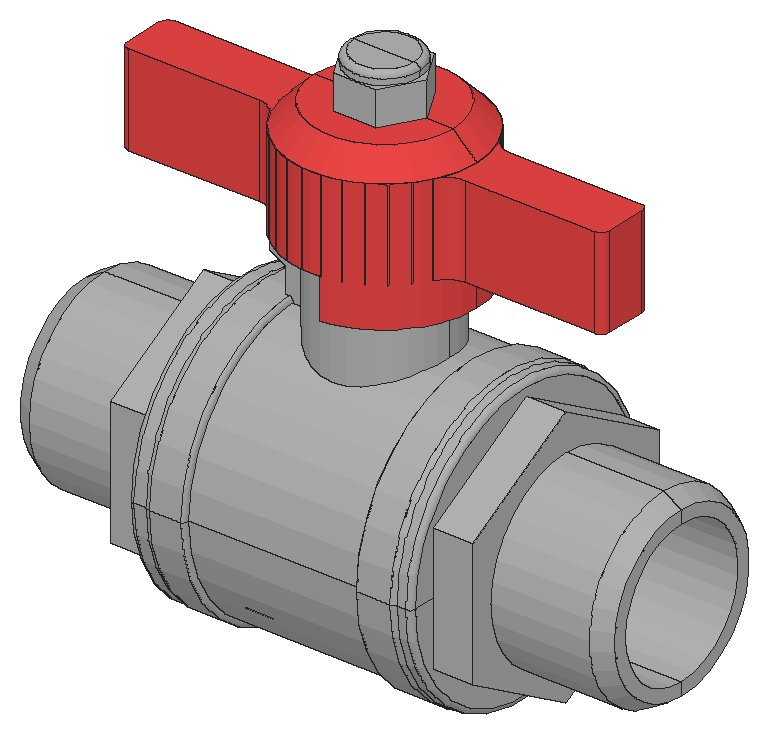
Revit family "QA08200000", category Apparecchi idraulici, Revit 2016
Family settings
  Tipo di parte = Normale
  Quota connettore circolare = Usa diametro
  Numero OmniClass = 23.45.00.00
  Titolo OmniClass = Sanitary, Laundry, and Cleaning Equipment
  Basato su piano di lavoro = No
  Sempre verticale = Sì
  Taglio con vuoti quando caricato = No
  Condiviso = No
  Punto di calcolo locali = No
Parameters
  URL = "https://web.cimberio.it/index.php/figura/311?subcategoria_id=42599"
  DN Model [instance] = QA08201025 : QA08201025
  DN [instance] = 25 mm
Reference planes
  plane 1 "Centro (Fronte/Retro)": y = 0
  plane 2: z = 0
  plane 3 "Centro (Sinistra/Destra)": x = 0
Dimensions and locks
  aligned and locked: level to plane 2
Nested families
  nested 1: "QA08201025" at (0, 0, 0), type <- "DN Model", type "QA08201025"
  nested 2: "QA08201025" at (0, 0, 0), type <- "DN Model", type "QA08201025"
  nested 3: "QA08201025" at (0, 0, 0), type <- "DN Model", type "QA08201025"
  nested 4: "QA08201025" at (0, 0, 0), type <- "DN Model", type "QA08201025"
  nested 5: "QA08201025" at (0, 0, 0), type <- "DN Model", type "QA08201025"
  nested 6: "QA08201025" at (0, 0, 0), type <- "DN Model", type "QA08201025"
  nested 7: "QA08201025" at (0, 0, 0), type <- "DN Model", type "QA08201025"
  nested 8: "QA08201025" at (0, 0, 0), type <- "DN Model", type "QA08201025"
Connectors
  piping at (52.4, 0, 0), diameter 25, driven by "DN"
    settings: on nested 1, index 1, connector inside diameter 609.6 mm, connector length 0 mm, flow factor 0, pipe flow 0.0 L/s, pressure drop 0.0 Pa, fitting loss kfactor 0, connector angle 0.00°, fixture units 0, engagement length 0 mm, angle of deflection 0.00°, flow configuration 0, flow direction 0, fitting loss method 0, system type 7, joint type 0, gender type 0, connector reference index -1, connector utility 0, adjustable connector no, is connector primary yes, connector description ""
  piping at (-52.4, 0, 0), diameter 25, driven by "DN"
    settings: on nested 1, index 2, connector inside diameter 609.6 mm, connector length 0 mm, flow factor 0, pipe flow 0.0 L/s, pressure drop 0.0 Pa, fitting loss kfactor 0, connector angle 0.00°, fixture units 0, engagement length 0 mm, angle of deflection 0.00°, flow configuration 0, flow direction 0, fitting loss method 0, system type 7, joint type 0, gender type 0, connector reference index -1, connector utility 0, adjustable connector no, is connector primary no, connector description ""
Definition of nested family "QA08201025"
  Reference planes
    plane 1 "Centro (Fronte/Retro)": y = 0
    plane 2: z = 0
    plane 3 "Centro (Sinistra/Destra)": x = 0
  Forms (mm)
    Extrusion 1, solid
      sketch origin (-1.996, 0, 4.955) x (1, 0, 0) y (0, 0, 1)
        loop
          line (-17.004, 33.845) -> (-17.004, 26.355) -> (-14.254, 24.767) -> (-14.254, 9.005) -> (-5.604, 9.005) -> (-5.604, 33.845) -> (-17.004, 33.845)
      from 0 to 1.497
    Revolve 2, solid
      sketch origin (0, 0, 0) x (0, 1, 0) y (-1, 0, 0)
        loop
          line (9.248, 19.5) -> (9.248, -20.1) -> (22.489, -20.1)
          arc (22.489, -20.1) -> (23.203, -19.804) -> (23.498, -19.091) r 1.009
          line (23.498, -19.091) -> (23.498, -9.324)
          arc (23.498, -9.324) -> (23.406, -8.846) -> (23.099, -8.468) r 1
          arc (23.099, -8.468) -> (22.839, -7.883) -> (22.75, -7.25) r 2.298
          line (22.75, -7.25) -> (22.75, 12.315)
          arc (22.75, 12.315) -> (22.67, 12.717) -> (22.443, 13.057) r 1.049
          line (22.443, 13.057) -> (20.834, 14.666)
          arc (20.834, 14.666) -> (20.587, 15.036) -> (20.5, 15.472) r 1.139
          line (20.5, 15.472) -> (20.5, 19.5) -> (9.248, 19.5)
        axis (0, 19.5) -> (0, -20.1)
      angle from 0 to 360
    Revolve 3, solid
      sketch origin (0, 0, 0) x (1, 0, 0) y (0, 0, 1)
        loop
          line (0, 60.8) -> (-12.25, 60.8) -> (-16.25, 56.8) -> (-16.25, 33.8) -> (-10.467, 33.8) -> (-10.467, 45.453) -> (0, 45.453) -> (0, 60.8)
        axis (0, 33.8) -> (0, 60.8)
      angle from 0 to 360
    Extrusion 4, void
      sketch origin (0, 0, 58.3) x (-1, 0, 0) y (0, 1, 0)
        loop
          line (17.996, 0) -> (10.467, 0)
          arc (10.467, 0) -> (6.812, -7.947) -> (-1.6, -10.344) r 10.467
          line (-1.6, -10.344) -> (-1.6, -18.578)
          arc (-1.6, -18.578) -> (15.234, -16.711) -> (17.996, 0) r 14.025
      from 17.5 to 31.018
    Revolve 5, solid
      sketch origin (0, 0, 0) x (0, 1, 0) y (-1, 0, 0)
        loop
          line (12.5, 24.9) -> (12.5, -24.9) -> (24.25, -24.9)
          arc (24.25, -24.9) -> (24.957, -24.607) -> (25.25, -23.9) r 1
          line (25.25, -23.9) -> (25.25, -22.33) -> (25.5, -21.397) -> (25.5, -15.5)
          arc (25.5, -15.5) -> (25.059, -15.132) -> (24.5, -15) r 1.253
          line (24.5, -15) -> (24.5, 15)
          arc (24.5, 15) -> (25.068, 15.114) -> (25.5, 15.5) r 1.101
          line (25.5, 15.5) -> (25.5, 20.967) -> (25.25, 21.9) -> (25.25, 23.9)
          arc (25.25, 23.9) -> (24.957, 24.607) -> (24.25, 24.9) r 1
          line (24.25, 24.9) -> (12.5, 24.9)
        axis (0, 24.9) -> (0, -24.9)
      angle from 0 to 360
    Extrusion 6, solid
      sketch origin (16, 0, 0) x (0, 0, 1) y (0, -1, 0)
        loop
          circle (0, 0) r 12.5
        loop
          line (23, 0) -> (11.164, 20.5) -> (-11.164, 20.5) -> (-23, 0) -> (-11.164, -20.5) -> (11.164, -20.5) -> (23, 0)
      from 8.9 to 15.9
    Revolve 7, solid
      sketch origin (0, 0, 0) x (1, 0, 0) y (0, 0, 1)
        loop
          line (31.9, 12.5) -> (52.4, 12.5) -> (52.4, 14.727) -> (49.307, 16.575) -> (31.9, 16.575) -> (31.9, 12.5)
        axis (52.4, 0) -> (31.9, 0)
      angle from 0 to 360
    Revolve 8, solid
      sketch origin (0, 0, 0) x (1, 0, 0) y (0, 0, 1)
        loop
          line (0, 42.985) -> (-11.5, 42.985) -> (-11.5, 21.195) -> (0, 21.195) -> (0, 42.985)
        axis (0, 21.195) -> (0, 42.985)
      angle from 0 to 360
    Revolve 9, solid
      sketch origin (0, 0, 0) x (1, 0, 0) y (0, 0, 1)
        loop
          line (0, 68.8) -> (0, 66.8) -> (6.25, 66.8) -> (6.25, 67.8)
          arc (6.25, 67.8) -> (5.957, 68.507) -> (5.25, 68.8) r 1
          line (5.25, 68.8) -> (0, 68.8)
        axis (0, 68.8) -> (0, 66.8)
      angle from 0 to 360
    Extrusion 10, solid
      sketch origin (0, 0, 58.3) x (0, 1, 0) y (-1, 0, 0)
        loop
          line (0, -7.501) -> (6.496, -3.751) -> (6.496, 3.751) -> (0, 7.501) -> (-6.496, 3.751) -> (-6.496, -3.751) -> (0, -7.501)
      from 2.5 to 8.5
    Extrusion 11, solid
      sketch origin (-16, 0, 0) x (0, 0, 1) y (0, 1, 0)
        loop
          circle (0, 0) r 12.5
        loop
          line (23, 0) -> (11.164, 20.5) -> (-11.164, 20.5) -> (-23, 0) -> (-11.164, -20.5) -> (11.164, -20.5) -> (23, 0)
      from 8.9 to 15.9
    Revolve 12, solid
      sketch origin (0, 0, 0) x (-1, 0, 0) y (0, 0, 1)
        loop
          line (31.9, 12.5) -> (52.4, 12.5) -> (52.4, 14.727) -> (49.307, 16.575) -> (31.9, 16.575) -> (31.9, 12.5)
        axis (52.4, 0) -> (31.9, 0)
      angle from 0 to 360
    Extrusion 13, solid
      sketch origin (0, 0, 58.3) x (0, 1, 0) y (-1, 0, 0)
        loop
          arc (5, 41) -> (4.561, 42.061) -> (3.5, 42.5) r 1.5
          line (3.5, 42.5) -> (-3.5, 42.5)
          arc (-3.5, 42.5) -> (-4.561, 42.061) -> (-5, 41) r 1.5
          line (-5, 41) -> (-5, 18.14)
          arc (-5, 18.14) -> (-5.601, 16.032) -> (-7.222, 14.557) r 4
          arc (-7.222, 14.557) -> (-16.25, 0) -> (-7.222, -14.557) r 16.25
          arc (-7.222, -14.557) -> (-5.601, -16.032) -> (-5, -18.14) r 4
          line (-5, -18.14) -> (-5, -41)
          arc (-5, -41) -> (-4.561, -42.061) -> (-3.5, -42.5) r 1.5
          line (-3.5, -42.5) -> (3.5, -42.5)
          arc (3.5, -42.5) -> (4.561, -42.061) -> (5, -41) r 1.5
          line (5, -41) -> (5, -18.14)
          arc (5, -18.14) -> (5.601, -16.032) -> (7.222, -14.557) r 4
          arc (7.222, -14.557) -> (16.25, 0) -> (7.222, 14.557) r 16.25
          arc (7.222, 14.557) -> (5.601, 16.032) -> (5, 18.14) r 4
          line (5, 18.14) -> (5, 41)
      from -17.5 to -1.5
  Cuts and joins
    joined: Extrusion 1, Revolve 2
    Extrusion 4 cuts Revolve 3
  Dimensions and locks
    aligned and locked: level to plane 2
